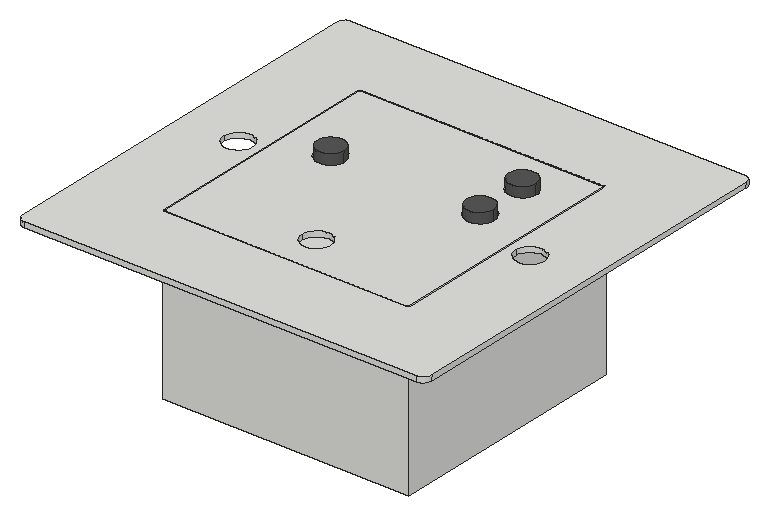
Revit family "Electronics_Commercial-Audio_Biamp_Volume-Control-Panel_ACPR", category Communication Devices, host Face, Revit 2020
Family settings
  Host = Face
  Maintain Annotation Orientation = No
  Round Connector Dimension = Use Diameter
  Part Type = Normal
  OmniClass Number = 23.85.10.11.14
  OmniClass Title = Audio Equipment
  Cut with Voids When Loaded = No
  Shared = No
  Room Calculation Point = No
Parameters (values of type "ACPR")
  Product data url = "https://www.bimobject.com/biamp/product/acpr_commercial-audio-control-interface"
  Power type = "Phantom"  # constant formula
  Supported main unit = "SDQ5PIR"  # constant formula
  Width = 0' - 3.34646"  # constant formula
  Weight = 0.17 lbf  # constant formula
  Voltage = 0 V
  URL = "https://www.biamp.com/"
  Product Page URL = "https://www.biamp.com/products/product-families/commercial-audio/control-interfaces#acpr"
  Product Documentation Link = "https://downloads.biamp.com/assets/docs/default-source/data-sheets/biamp_data_sheet_acpr_aug20.pdf"
  Power Factor = 1
  Number of Poles = 1
  Model = "ACPR"  # constant formula
  Max. cable length in m = "100"  # constant formula
  Max Power Consumption = 0 W
  Manufacturer = "Biamp"  # constant formula
  Inputs = "2 x Unbal. Line"  # constant formula
  Input sensitivity stereo line = "500mV "  # constant formula
  Housing Material = Biamp - Metal - Silver
  Height = 0' - 3.34646"  # constant formula
  Description = "ACPR Volume Control Panel with Local Input for SDQ5PIR"  # constant formula
  Depth = 0' - 1.37795"  # constant formula
  Default Elevation = 4' - 0"
  Connector Description = "RJ-45; Power"  # constant formula
  Apparent Load = Max Power Consumption / Power Factor  # 0 VA
  Addressing = "Hardwired"  # constant formula
Reference planes (in)
  plane 1 "Center (Front/Back)": y = 0
  plane 2: z = 0
  plane 3 "Center (Left/Right)": x = 0
Forms (in)
  Extrusion 1, solid, material "Biamp - Metal - Silver" <- "Housing Material", detail levels fine
    sketch origin (0, 0, 0) x (1, 0, 0) y (0, 1, 0)
      loop
        circle (-1.19109, 0) r 0.11811
      loop
        circle (1.19109, 0) r 0.11811
      loop
        line (1.60333, 1.67323) -> (-1.60184, 1.67323)
        arc (-1.60184, 1.67323) -> (-1.65232, 1.65232) -> (-1.67323, 1.60184) r 0.07139
        line (-1.67323, 1.60184) -> (-1.67323, -1.60033)
        arc (-1.67323, -1.60033) -> (-1.65188, -1.65188) -> (-1.60033, -1.67323) r 0.0729
        line (-1.60033, -1.67323) -> (1.60334, -1.67323)
        arc (1.60334, -1.67323) -> (1.65276, -1.65276) -> (1.67323, -1.60334) r 0.06989
        line (1.67323, -1.60334) -> (1.67323, 1.60333)
        arc (1.67323, 1.60333) -> (1.65276, 1.65276) -> (1.60333, 1.67323) r 0.0699
    from 0 to 0.03937
  Extrusion 2, solid, material "Biamp - Metal - Silver" <- "Housing Material", detail levels fine
    sketch origin (0, 0, 0) x (1, 0, 0) y (0, 1, 0)
      loop
        line (-1.00394, 1.00394) -> (-1.00394, -1.00394) -> (1.00394, -1.00394) -> (1.00394, 1.00394) -> (-1.00394, 1.00394)
    from 0 to -1.33858
  Extrusion 3, void
    sketch origin (0, 0, 0) x (1, 0, 0) y (0, 1, 0)
      loop
        line (-1.00394, -1.00394) -> (1.00394, -1.00394) -> (1.00394, 1.00394) -> (-1.00394, 1.00394) -> (-1.00394, -1.00394)
    from 0 to -1.33858
  Extrusion 4, void
    sketch origin (0, 0, 0) x (1, 0, 0) y (0, 1, 0)
      loop
        circle (-0.61024, 0.21654) r 0.11811
      loop
        circle (0.61024, 0.21654) r 0.11811
      loop
        circle (0.61024, 0.64961) r 0.11811
    from 0.03937 to 0
  Extrusion 5, solid, material "Biamp - Plastic - Black", detail levels fine
    sketch origin (0, 0, 0) x (1, 0, 0) y (0, 1, 0)
      loop
        circle (-0.61024, 0.21654) r 0.11024
      loop
        circle (0.61024, 0.64961) r 0.11024
      loop
        circle (0.61024, 0.21654) r 0.11024
    from 0 to 0.11811
  Extrusion 6, void
    sketch origin (0, 0, 0) x (1, 0, 0) y (0, 1, 0)
      loop
        circle (0, -0.68898) r 0.11811
    from 0 to 0.03937
  Extrusion 7, void
    sketch origin (0, 0, 0) x (1, 0, 0) y (0, 1, 0)
      loop
        line (0.27559, 0.6395) -> (-0.27559, 0.6395) -> (-0.27559, 0.2458) -> (0.27559, 0.2458) -> (0.27559, 0.6395)
    from -1.33858 to -1.29921
  Extrusion 8, solid, material "Biamp - Metal - Silver" <- "Housing Material", detail levels medium
    sketch origin (0, 0, 0) x (1, 0, 0) y (0, 1, 0)
      loop
        line (-1.67323, 1.67323) -> (-1.67323, -1.67323) -> (1.67323, -1.67323) -> (1.67323, 1.67323) -> (-1.67323, 1.67323)
      loop
        circle (-0.61024, 0.21654) r 0.11811
      loop
        circle (0.61024, 0.21654) r 0.11811
      loop
        circle (0.61024, 0.64961) r 0.11811
      loop
        circle (-1.19109, 0) r 0.11811
      loop
        circle (1.19109, 0) r 0.11811
    from 0 to 0.03937
  Extrusion 9, solid, material "Biamp - Metal - Silver" <- "Housing Material", detail levels medium
    sketch origin (0, 0, 0) x (1, 0, 0) y (0, 1, 0)
      loop
        line (-1.00394, 1.00394) -> (-1.00394, -1.00394) -> (1.00394, -1.00394) -> (1.00394, 1.00394) -> (-1.00394, 1.00394)
    from -1.33858 to 0
  Extrusion 10, solid, material "Biamp - Metal - Silver" <- "Housing Material", detail levels coarse
    sketch origin (0, 0, 0) x (1, 0, 0) y (0, 1, 0)
      loop
        line (-1.67323, 1.67323) -> (-1.67323, -1.67323) -> (1.67323, -1.67323) -> (1.67323, 1.67323) -> (-1.67323, 1.67323)
    from 0.03937 to 0
  Extrusion 11, solid, material "Biamp - Metal - Silver" <- "Housing Material", detail levels coarse
    sketch origin (0, 0, 0) x (1, 0, 0) y (0, 1, 0)
      loop
        line (-1.00394, 1.00394) -> (-1.00394, -1.00394) -> (1.00394, -1.00394) -> (1.00394, 1.00394) -> (-1.00394, 1.00394)
    from 0 to -1.33858
  Extrusion 12, solid, material "Biamp - Plastic - Black", detail levels medium
    sketch origin (0, 0, 0) x (1, 0, 0) y (0, 1, 0)
      loop
        circle (-0.61024, 0.21654) r 0.11024
      loop
        circle (0.61024, 0.64961) r 0.11024
      loop
        circle (0.61024, 0.21654) r 0.11024
    from 0 to 0.11811
  Extrusion 13, void
    sketch origin (0, 0, 0) x (1, 0, 0) y (0, 1, 0)
      loop
        arc (-1.00894, -0.98524) -> (-1.002, -1.002) -> (-0.98524, -1.00894) r 0.0237
        line (-0.98524, -1.00894) -> (0.98886, -1.00894)
        arc (0.98886, -1.00894) -> (1.00306, -1.00306) -> (1.00894, -0.98886) r 0.02008
        line (1.00894, -0.98886) -> (1.00894, 0.98492)
        arc (1.00894, 0.98492) -> (1.0019, 1.0019) -> (0.98492, 1.00894) r 0.02402
        line (0.98492, 1.00894) -> (-0.98665, 1.00894)
        arc (-0.98665, 1.00894) -> (-1.00241, 1.00241) -> (-1.00894, 0.98665) r 0.02229
        line (-1.00894, 0.98665) -> (-1.00894, -0.98524)
      loop
        line (-0.99894, 0.97615) -> (-0.99894, -0.97894)
        arc (-0.99894, -0.97894) -> (-0.99308, -0.99308) -> (-0.97894, -0.99894) r 0.02
        line (-0.97894, -0.99894) -> (0.9741, -0.99894)
        arc (0.9741, -0.99894) -> (0.99166, -0.99166) -> (0.99894, -0.9741) r 0.02484
        line (0.99894, -0.9741) -> (0.99894, 0.97446)
        arc (0.99894, 0.97446) -> (0.99177, 0.99177) -> (0.97446, 0.99894) r 0.02448
        line (0.97446, 0.99894) -> (-0.97615, 0.99894)
        arc (-0.97615, 0.99894) -> (-0.99226, 0.99226) -> (-0.99894, 0.97615) r 0.02279
    from 0.01762 to 0.39123
Cuts and joins
  Extrusion 4, Extrusion 6, Extrusion 7, Extrusion 13 cuts Extrusion 1
  Extrusion 6 cuts Extrusion 8
  Extrusion 4, Extrusion 6, Extrusion 7 cuts Extrusion 2
  Extrusion 7 cuts Extrusion 11
  Extrusion 7 cuts Extrusion 9
Lines and regions (in)
  Masking region 1
    outline origin (0, 0, 0) x (1, 0, 0) y (0, 1, 0)
      loop
        line (-1.67323, 1.67323) -> (-1.67323, -1.67323) -> (1.67323, -1.67323) -> (1.67323, 1.67323) -> (-1.67323, 1.67323)
  Masking region 2
    outline origin (0, 0, 0) x (1, 0, 0) y (0, 1, 0)
      loop
        circle (-0.61024, 0.21654) r 0.11811
      loop
        circle (0.61024, 0.64961) r 0.11811
      loop
        circle (0.61024, 0.21654) r 0.11811
      loop
        circle (0, -0.17717) r 0.11811
      loop
        circle (-0.5315, -0.68898) r 0.17717
      loop
        circle (0.55118, -0.68898) r 0.11811
  Masking region 3
    outline origin (0, 0, 0) x (1, 0, 0) y (0, 0, 1)
      loop
        line (-1.67323, 0.03937) -> (-1.67323, 0) -> (1.67323, 0) -> (1.67323, 0.03937) -> (-1.67323, 0.03937)
  Masking region 4
    outline origin (0, 0, 0) x (1, 0, 0) y (0, 0, 1)
      loop
        line (-1.00394, 0) -> (-1.00394, -1.06299) -> (1.00394, -1.06299) -> (1.00394, 0) -> (-1.00394, 0)
  Masking region 5
    outline origin (0, 0, 0) x (1, 0, 0) y (0, 0, 1)
      loop
        line (-0.72047, 0.11811) -> (-0.72047, 0.03937) -> (-0.49213, 0.03937) -> (-0.49213, 0.11811) -> (-0.72047, 0.11811)
      loop
        line (-0.11024, 0.11811) -> (-0.11024, 0.03937) -> (0.11811, 0.03937) -> (0.11811, 0.11811) -> (-0.11024, 0.11811)
      loop
        line (0.5, 0.11811) -> (0.5, 0.03937) -> (0.72835, 0.03937) -> (0.72835, 0.11811) -> (0.5, 0.11811)
Dimensions and locks (in)
  aligned and locked: plane 2 to host face
  aligned and locked: level to host face
Connectors (in)
  electrical at (0, 0.44265, -1.29921), driven by "Number of Poles", driven by "Voltage", driven by "Apparent Load", driven by "Power Factor", driven by "Connector Description"
    settings: on cut or joined group of Extrusion 1, Extrusion 4, Extrusion 6, Extrusion 7, Extrusion 13, index 1, voltage 0 V, apparent load 0 VA, apparent load phase1 0 VA, apparent load phase2 0 VA, apparent load phase3 0 VA, power factor 1, load classification "Other", number of poles 1, system type 31, power factor state 1, is connector primary yes, connector utility no, sub classification motor no, connector description "RJ-45; Power"
  electrical at (0, -0.68898, 0)
    settings: on cut or joined group of Extrusion 1, Extrusion 4, Extrusion 6, Extrusion 7, Extrusion 13, index 2, voltage 0 V, apparent load 0 VA, apparent load phase1 0 VA, apparent load phase2 0 VA, apparent load phase3 0 VA, power factor 1, load classification "Other", number of poles 1, system type 5, power factor state 1, is connector primary no, connector utility no, sub classification motor no, connector description "Mini-jack; Stereo Line"
